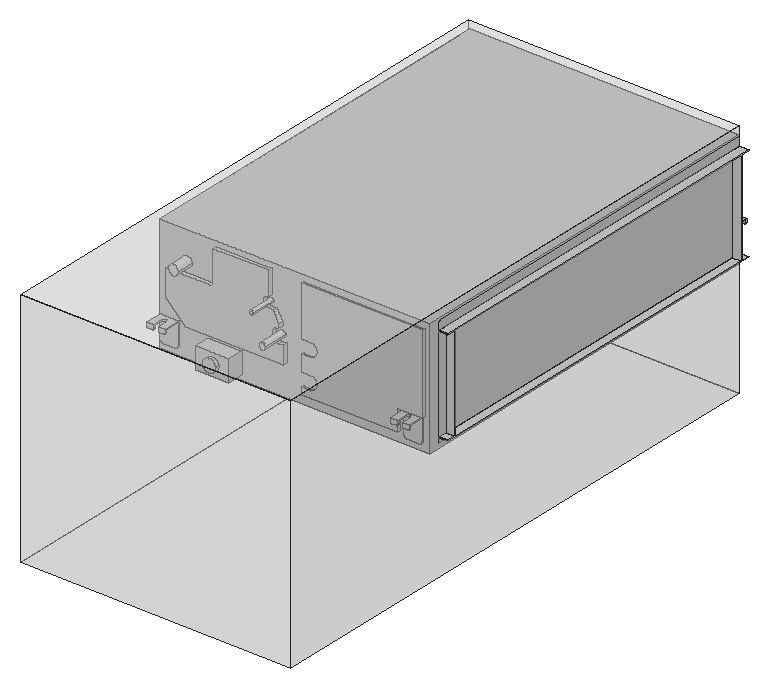
Revit family "outputfile", category 機械設備, Revit 2024
Family settings
  丸型コネクタ寸法 = 半径を使用
  パーツ タイプ = 標準
  OmniClass 番号 = 23.75.10.24.21.27.27
  OmniClass タイトル = Split System Air Conditioning Units
  作業面ベース = いいえ
  常に垂直 = はい
  ロード時にボイドで切り取り = いいえ
  注釈の向きを維持 = いいえ
  共有 = いいえ
  部屋計算ポイント = はい
Parameters (values of type "FXMQ63PAVE")
  Description = ""
  製造元 = "Daikin"
  書き出し IFC クラス(タイプ) = "IfcUnitaryEquipmentType"
  定義済み IFC タイプ(タイプ) = "AIRCONDITIONINGUNIT"
  Cost = 0
  モデル = "FXMQ63PAVE"
  Type Comments = ""
  Keynote = ""
  Type Image = (empty or 0)
  Assembly Code = ""
  r_Liquid Pipe Size = Liquid Pipe Size / 2  # 4.75 mm
  r_Gas Pipe Size = Gas Pipe Size / 2  # 7.95 mm
  r_Drain Pipe Size = Drain Pipe Size / 2  # 12.5 mm
  lw_power = 396.0 mm  # constant formula
  lh_SA = 165.0 mm  # constant formula
  lw_SA = if(Depth = 550.0 mm, 210.0 mm, if(Depth = 700.0 mm, 285.0 mm, if(Depth = 1000.0 mm, 435.0 mm, 635.0 mm)))  # 435.0 mm
  lw_RA = if(Depth = 550.0 mm, 288.0 mm, if(Depth = 700.0 mm, 363.0 mm, if(Depth = 1000.0 mm, 513.0 mm, 713.0 mm)))  # 513.0 mm
  lh_power = 60.0 mm + [h***]  # 60.0 mm
  lh_mountinghole1 = lh_mountinghole + [h***]  # 80.0 mm
  lh_RA = 150.0 mm  # constant formula
  ld_power = Depth / 2  # 500.0 mm
  Voltage_comment_60Hz = "220"
  Voltage_comment_50Hz = "220-240"
  Voltage_60Hz = 220 V
  Voltage_50Hz = 220 V
  URL = ""
  Supply Air Direction [instance] = yes
  Sound Power Level_H speed (dB) = 60
  Phase_60Hz = 1
  Phase_50Hz = 1
  Minimum External Static Pressure = 50.00 Pa
  Minimum Circuit Amps_60Hz = 1.8 A
  Minimum Circuit Amps_50Hz = 1.8 A
  Maximum Fuse Amps_60Hz = 16.0 A
  Maximum Fuse Amps_50Hz = 16.0 A
  Maximum External Static Pressure = 200.00 Pa
  Material_Casing = DAIKIN_GalvanizedSteel_Casing_indoorunit
  lw_mountinghole = 631.0 mm  # constant formula
  lh_gaspipe = 144.0 mm + [h***]  # 144.0 mm
  lh_mountinghole = 80.0 mm  # constant formula
  lh_liquidpipe = 212.0 mm + [h***]  # 212.0 mm
  lh_drainpipe = 232.0 mm + [h***]  # 232.0 mm
  lh_antena = Height - lh_mountinghole + 1.0 mm  # 221.0 mm
  ld_drainpipe = Depth / 2 + 54.0 mm  # 554.0 mm
  ld_liquidpipe = 565.0 mm
  ld_gaspipe = 565.0 mm
  ld_mountinghole = Depth + 38.0 mm  # 1038.0 mm
  h*** = 0.0 mm  # constant formula
  lw_liquidpipe = 290.0 mm  # constant formula
  lw_gaspipe = 318.0 mm  # constant formula
  lw_drainpipe = 80.0 mm  # constant formula
  Width = 700.0 mm
  Version = "ver.1.0"
  Unit Type = "Middle-High Static Pressure Duct Type"
  Unit Mass Weight = 35.00 kg
  Unit Designation [instance] = ""
  Uniclass2015Version = "Products v1.30"
  Uniclass2015Title = "Variable refrigerant flow units"
  Uniclass2015Code = "Pr_70_65_03_94"
  Total Heating Capacity [instance] = 0.000 kW
  Total Cooling Capacity [instance] = 0.000 kW
  Sound Pressure Level_M speed (dBA) = 0
  Sound Pressure Level_L speed (dBA) = 38
  Sound Pressure Level_H speed (dBA) = 42
  Series = "VRV Fan Coil Unit"
  Sensible Cooling Capacity [instance] = 0.000 kW
  SA Duct Size Width = if(Depth = 550.0 mm, 310.0 mm, if(Depth = 700.0 mm, 460.0 mm, if(Depth = 1000.0 mm, 760.0 mm, 1160.0 mm)))  # 760.0 mm
  SA Duct Size Height = 215.0 mm
  Refrigerant Type = "R410A"
  RA Duct Size Width = if(Depth = 550.0 mm, 475.0 mm, if(Depth = 700.0 mm, 625.0 mm, if(Depth = 1000.0 mm, 925.0 mm, 1325.0 mm)))  # 925.0 mm
  RA Duct Size Height = 247.0 mm
  Power Input (Heating) = 0.218 kW
  Power Input (Cooling) = 0.230 kW
  Option Accessory 3 [instance] = ""
  Option Accessory 2 [instance] = ""
  Option Accessory 1 [instance] = ""
  Nominal Heating Capacity = 8.000 kW
  Nominal Cooling Capacity = 7.100 kW
  Minimum Airflow = 960.00 m³/h
  Median Airflow = 1050.00 m³/h
  Maximum Airflow = 1170.00 m³/h
  Load Classification = HVAC
  Liquid Pipe Size = 9.5 mm
  Link_Nested Family [instance] = ""
  IfcVersion = "0"
  IfcExportType = "AIRCONDITIONINGUNIT"
  IfcExportAs = "IfcUnitaryEquipmentType"
  Height = 300.0 mm
  Heating Entering Wet Bulb Temperature [instance] = 0.00 °C
  Heating Entering Dry Bulb Temperature [instance] = 0.00 °C
  Heating Ambient Wet Bulb Temperature [instance] = 0.00 °C
  Heating Ambient Dry Bulb Temperature [instance] = 0.00 °C
  Heat Exchanger Type = "Cross Fin Coil"
  Gas Pipe Size = 15.9 mm
  Frequency_60Hz = 60 Hz
  Frequency_50Hz = 50 Hz
  Fan Type = "Sirocco Fan"
  Fan Drive = "Direct Drive"
  FCU Tag No. [instance] = ""
  Drain Pipe Size = 25.0 mm
  Design Supply Airflow [instance] = 0.00 m³/h
  Design Return Airflow [instance] = 0.00 m³/h
  Design External Static Pressure [instance] = 0.00 Pa
  Depth = 1000.0 mm
  既定の高さ = 0.0 mm
  Cooling Entering Wet Bulb Temperature [instance] = 0.00 °C
  Cooling Entering Dry Bulb Temperature [instance] = 0.00 °C
  Cooling Ambient Wet Bulb Temperature [instance] = 0.00 °C
  Cooling Ambient Dry Bulb Temperature [instance] = 0.00 °C
  Clearance visibility [instance] = yes
  Clearance Top = 20.0 mm
  Clearance Right = 0.0 mm
  Clearance Rear = 0.0 mm
  Clearance Left = 0.0 mm
  Clearance Front = 450.0 mm
  Clearance Bottom = 300.0 mm
Reference planes
  plane 1 "Center (Front/Back)": y = 0
  plane 2 "h": z = 0
  plane 3 "Center (Left/Right)": x = 0
  plane 4 "Back": y = 500
  plane 5 "Front": y = -500
  plane 6 "Left": x = -350
  plane 7 "Reight": x = 350
  plane 8 "Top": z = 0
  plane 9 "Bottom": z = -300
  plane 10: y = -215
  plane 11: y = 500
  plane 12: y = -950
  plane 13: x = -350
  plane 14: x = 350
  plane 15: z = 20
  plane 16: z = -600
  plane 17: x = -350
  plane 18: z = -135
  plane 19: x = -349
  plane 20: x = 349
  plane 21: y = 65
  plane 22: y = 13
  plane 23: z = -150
  plane 24: y = -510.8
  plane 25: z = -14
  plane 26: z = -219
  plane 27: x = -324
  plane 28: x = -60
  plane 29: x = -20
  plane 30: z = -156
  plane 31: x = -32
  plane 32: z = -88
  plane 33: x = 23
  plane 34: x = 335
  plane 35: z = -15.8
  plane 36: z = -274.8
  plane 37: z = -219.8
  plane 38: x = 271
  plane 39: x = -223.3
  plane 40: x = -138.3
  plane 41: z = -232.7
  plane 42: z = -288.5
  plane 43: y = -541
  plane 44: x = -181
  plane 45: z = -260
  plane 46: y = -551
  plane 47: z = -163.8
  plane 48: z = -239.8
  plane 49: x = 46
  plane 50: z = -88
  plane 51: x = -60
  plane 52: y = -565
  plane 53: z = -156
  plane 54: x = -32
  plane 55: y = -554
  plane 56: z = -68
  plane 57: x = -270
  plane 58: x = -270
  plane 59: x = -60
  plane 60: x = -32
  plane 61: x = 46
  plane 62: x = -323
  plane 63: x = 308
  plane 64: y = -519
  plane 65: y = 519
  plane 66: z = -220
  plane 67: y = -506
  plane 68: x = -204
  plane 69: z = -100.2
  plane 70: x = -374
  plane 71: x = 374
Forms (mm)
  Extrusion 1, solid, material "DAIKIN_GalvanizedSteel_Casing_indoorunit" <- "Material_Casing"
    sketch origin (0, 0, 0) x (1, 0, 0) y (0, 1, 0)
      loop
        line (-349, 500) -> (-349, -500) -> (349, -500) -> (349, 500) -> (-349, 500)
    from -300 to 0
  Extrusion 2, solid, material "DAIKIN_GalvanizedSteel_Casing_indoorunit" <- "Material_Casing"
    sketch origin (0, 0, 0) x (1, 0, 0) y (0, 0, 1)
      loop
        line (-324, -100.2) -> (-324, -168) -> (-273, -219) -> (-20, -219) -> (-20, -173.5) -> (-32, -173.5)
        arc (-32, -173.5) -> (-49.5, -156) -> (-32, -138.5) r 17.5
        line (-32, -138.5) -> (-32, -127.5) -> (-47, -101) -> (-60, -101)
        arc (-60, -101) -> (-73, -88) -> (-60, -75) r 13
        line (-60, -75) -> (-60, -14) -> (-204, -14) -> (-204, -100.2) -> (-324, -100.2)
    from 500 to 510.8
  Extrusion 3, solid, material "DAIKIN_GalvanizedSteel_Casing_indoorunit" <- "Material_Casing"
    sketch origin (0, 0, 0) x (1, 0, 0) y (0, 0, 1)
      loop
        line (23, -274.8) -> (271, -274.8) -> (271, -219.8) -> (335, -219.8) -> (335, -15.8) -> (23, -15.8) -> (23, -146.3) -> (46, -146.3)
        arc (46, -146.3) -> (63.5, -163.8) -> (46, -181.3) r 17.5
        line (46, -181.3) -> (23, -181.3) -> (23, -222.3) -> (46, -222.3)
        arc (46, -222.3) -> (63.5, -239.8) -> (46, -257.3) r 17.5
        line (46, -257.3) -> (23, -257.3) -> (23, -274.8)
    from 500 to 506
  Extrusion 4, solid, material "DAIKIN_GalvanizedSteel_Casing_indoorunit" <- "Material_Casing"
    sketch origin (0, 0, 0) x (1, 0, 0) y (0, 0, 1)
      loop
        line (-223.3, -232.7) -> (-223.3, -288.5) -> (-138.3, -288.5) -> (-138.3, -232.7) -> (-223.3, -232.7)
    from 500 to 541
  Extrusion 5, solid, material "DAIKIN_GalvanizedSteel_Casing_indoorunit" <- "Material_Casing"
    sketch origin (0, 0, 0) x (1, 0, 0) y (0, 0, 1)
      loop
        circle (-181, -260) r 16.5
    from 541 to 551
  Extrusion 6, solid
    sketch origin (0, 0, 0) x (1, 0, 0) y (0, 0, 1)
      loop
        circle (-60, -88) r 4.75
    from 500 to 565
  Extrusion 7, solid
    sketch origin (0, 0, 0) x (1, 0, 0) y (0, 0, 1)
      loop
        circle (-32, -156) r 7.95
    from 500 to 565
  Extrusion 8, solid
    sketch origin (0, 0, 0) x (1, 0, 0) y (0, 0, 1)
      loop
        circle (-270, -68) r 12.5
    from 510.8 to 554
Dimensions and locks
  "Height": plane 8 "Top" to plane 9 "Bottom"
  equal spacing: plane 4 "Back", plane 1 "Center (Front/Back)", plane 5 "Front"
  "Depth": plane 4 "Back" to plane 5 "Front"
  equal spacing: plane 6 "Left", plane 3 "Center (Left/Right)", plane 7 "Reight"
  "Width": plane 6 "Left" to plane 7 "Reight"
  "Clearance Left": plane 13 to plane 6 "Left"
  "Clearance Right": plane 7 "Reight" to plane 14
  "Clearance Rear": plane 11 to plane 4 "Back"
  "Clearance Front": plane 5 "Front" to plane 12
  "Clearance Top": plane 15 to plane 8 "Top"
  "Clearance Bottom": plane 9 "Bottom" to plane 16
  "lh_SA": plane 18 to plane 9 "Bottom"
  locked: plane 17 to plane 19 at 1
  locked: plane 20 to plane 14 at 1
  "lw_SA": plane 11 to plane 21
  "lw_RA": plane 22 to plane 5 "Front"
  "lh_RA": plane 23 to plane 9 "Bottom"
  locked: plane 5 "Front" to plane 24 at 10.8
  plane 29 to plane 28 to plane 27 to plane 6 "Left" = 40.0 mm, 264.0 mm, 26.0 mm
  locked: plane 31 to plane 6 "Left" at 318
  plane 34 to plane 33 to plane 6 "Left" = 312.0 mm locked, 373.0 mm locked
  locked: plane 34 to plane 38 at 64
  locked: plane 37 to plane 36 at 55
  plane 40 to plane 39 to plane 6 "Left" = 85.0 mm locked, 126.7 mm locked
  locked: plane 5 "Front" to plane 43 at 41
  locked: plane 44 to plane 6 "Left" at 169
  locked: plane 43 to plane 46 at 10
  plane 47 to plane 48 to plane 36 = 76.0 mm locked, 35.0 mm locked
  locked: plane 49 to plane 33 at 23
  "lw_liquidpipe": plane 51 to plane 6 "Left"
  "lh_liquidpipe": plane 50 to plane 9 "Bottom"
  "lh_gaspipe": plane 53 to plane 9 "Bottom"
  "lw_gaspipe": plane 54 to plane 6 "Left"
  "ld_gaspipe": plane 52 to plane 1 "Center (Front/Back)"
  "ld_drainpipe": plane 55 to plane 1 "Center (Front/Back)"
  "lh_drainpipe": plane 56 to plane 9 "Bottom"
  "lw_drainpipe": plane 57 to plane 6 "Left"
  "lw_drainpipe": plane 6 "Left" to plane 58
  "lw_liquidpipe": plane 6 "Left" to plane 59
  "lw_gaspipe": plane 6 "Left" to plane 60
  "lw_power": plane 6 "Left" to plane 61
  plane 17 to plane 62 = 27.0 mm
  "lw_mountinghole": plane 62 to plane 63
  equal spacing: plane 64, plane 1 "Center (Front/Back)", plane 65
  "ld_mountinghole": plane 65 to plane 64
  "lh_mountinghole": plane 66 to plane 9 "Bottom"
  plane 8 "Top" to plane 41 to plane 42 = 232.7 mm locked, 55.8 mm locked
  locked: plane 8 "Top" to plane 45 at 260
  plane 8 "Top" to plane 25 to plane 26 = 14.0 mm locked, 205.0 mm locked
  plane 8 "Top" to plane 32 to plane 30 = 88.0 mm locked, 68.0 mm locked
  plane 8 "Top" to plane 35 to plane 36 = 15.8 mm locked, 259.0 mm locked
  locked: plane 5 "Front" to plane 67 at 6
  locked: plane 25 to plane 69 at 86.2
  locked: plane 27 to plane 68 at 120
  locked: plane 70 to plane 6 "Left" at 24
  locked: plane 14 to plane 71 at 24
  "r_Liquid Pipe Size": radius of Extrusion 6 sketch curve
  "r_Gas Pipe Size": radius of Extrusion 7 sketch curve
  "r_Drain Pipe Size": radius of Extrusion 8 sketch curve
  aligned and locked: level to plane 2 "h"
  aligned and locked: plane 8 "Top" to Extrusion 1
  aligned and locked: Extrusion 1 to plane 9 "Bottom"
  aligned and locked: nested 5 to plane 12
  aligned and locked: plane 13 to nested 5
  aligned and locked: plane 14 to nested 5
  aligned and locked: nested 5 to plane 13
  aligned and locked: plane 11 to nested 5
  aligned and locked: plane 15 to nested 5
  aligned and locked: plane 16 to nested 5
  aligned and locked: plane 5 "Front" to Extrusion 1 sketch curve
  aligned and locked: Extrusion 1 to plane 19
  aligned and locked: plane 20 to Extrusion 1
  aligned and locked: nested 7 to plane 19
  aligned and locked: nested 7 to plane 21
  aligned and locked: plane 18 to nested 7
  aligned and locked: plane 20 to nested 8
  aligned and locked: plane 22 to nested 8
  aligned and locked: plane 23 to nested 8
  aligned and locked: Extrusion 2 to plane 24
  aligned and locked: plane 5 "Front" to Extrusion 2
  aligned and locked: plane 36 to Extrusion 3 sketch curve
  aligned and locked: plane 38 to Extrusion 3 sketch curve
  aligned and locked: plane 37 to Extrusion 3 sketch curve
  aligned and locked: Extrusion 3 sketch curve to plane 34
  aligned and locked: Extrusion 3 sketch curve to plane 35
  aligned and locked: Extrusion 3 sketch curve to plane 33
  aligned and locked: plane 5 "Front" to Extrusion 3
  aligned and locked: Extrusion 4 sketch curve to plane 41
  aligned and locked: Extrusion 4 sketch curve to plane 39
  aligned and locked: plane 42 to Extrusion 4 sketch curve
  aligned and locked: plane 40 to Extrusion 4 sketch curve
  aligned and locked: Extrusion 4 to plane 43
  aligned and locked: plane 5 "Front" to Extrusion 4
  aligned and locked: Extrusion 5 sketch curve to plane 44
  aligned and locked: plane 45 to Extrusion 5 sketch curve
  aligned and locked: Extrusion 5 to plane 46
  aligned and locked: plane 43 to Extrusion 5
  aligned and locked: Extrusion 6 sketch curve to plane 51
  aligned and locked: plane 50 to Extrusion 6 sketch curve
  aligned and locked: Extrusion 6 to plane 52
  aligned and locked: plane 5 "Front" to Extrusion 6
  aligned and locked: Extrusion 7 sketch curve to plane 54
  aligned and locked: plane 53 to Extrusion 7 sketch curve
  aligned and locked: Extrusion 7 to Extrusion 6
  aligned and locked: plane 5 "Front" to Extrusion 7
  aligned and locked: Extrusion 8 sketch curve to plane 57
  aligned and locked: plane 56 to Extrusion 8 sketch curve
  aligned and locked: Extrusion 8 to plane 55
  aligned and locked: plane 24 to Extrusion 8
  aligned and locked: nested 3 to plane 55
  aligned and locked: plane 58 to nested 3
  aligned and locked: nested 2 to plane 59
  aligned and locked: nested 2 to plane 52
  aligned and locked: nested 1 to plane 60
  aligned and locked: Extrusion 7 to plane 52
  aligned and locked: nested 1 to plane 52
  aligned and locked: nested 6 to plane 5 "Front"
  aligned and locked: nested 6 to plane 61
  aligned and locked: plane 62 to nested 10
  aligned and locked: nested 10 to plane 5 "Front"
  aligned and locked: plane 63 to nested 9
  aligned and locked: nested 9 to plane 5 "Front"
  aligned and locked: nested 11 to plane 62
  aligned and locked: plane 4 "Back" to nested 11
  aligned and locked: nested 12 to plane 63
  aligned and locked: plane 4 "Back" to nested 12
  aligned and locked: plane 66 to nested 10
  aligned and locked: plane 66 to nested 11
  aligned and locked: plane 66 to nested 9
  aligned and locked: plane 66 to nested 12
  aligned and locked: plane 62 to nested 14
  aligned and locked: nested 14 to plane 65
  aligned and locked: plane 63 to nested 13
  aligned and locked: nested 13 to plane 65
  aligned and locked: plane 63 to nested 16
  aligned and locked: plane 64 to nested 16
  aligned and locked: plane 64 to nested 15
  aligned and locked: plane 62 to nested 15
  aligned and locked: Extrusion 3 to plane 67
  aligned and locked: Extrusion 2 sketch curve to plane 68
  aligned and locked: plane 69 to Extrusion 2 sketch curve
  aligned and locked: nested 17 to plane 21
  aligned and locked: nested 17 to plane 70
  aligned and locked: plane 18 to nested 17
  aligned and locked: plane 22 to nested 18
  aligned and locked: plane 71 to nested 18
  aligned and locked: nested 18 to plane 23
  aligned and locked: nested 4 to plane 3 "Center (Left/Right)"
  aligned and locked: plane 1 "Center (Front/Back)" to nested 4
  aligned and locked: level to plane 8 "Top"
Automatic sketch dimensions
  plane 6 "Left" to Extrusion 1 sketch curve = 1.0 mm
  Extrusion 1 sketch curve to plane 7 "Reight" = 1.0 mm
  Extrusion 1 sketch curve to plane 4 "Back" = 0.0 mm
  Extrusion 3 sketch curve to plane 33 = 0.0 mm  (x2)
  Extrusion 3 sketch curve to plane 47 = 0.0 mm
  Extrusion 3 sketch curve to plane 49 = 0.0 mm  (x4)
  Extrusion 3 sketch curve to plane 48 = 0.0 mm
  Extrusion 3 sketch curve to plane 37 = 2.5 mm
  plane 23 to Extrusion 3 sketch curve = 3.7 mm
  plane 27 to Extrusion 2 sketch curve = 0.0 mm
  Extrusion 2 sketch curve to plane 26 = 0.0 mm
  Extrusion 2 sketch curve to plane 28 = 0.0 mm
  Extrusion 2 sketch curve to plane 31 = 0.0 mm
  Extrusion 2 sketch curve to plane 29 = 0.0 mm
  Extrusion 2 sketch curve to plane 30 = 0.0 mm
  Extrusion 2 sketch curve to plane 32 = 0.0 mm
  Extrusion 2 sketch curve to plane 25 = 0.0 mm
  Extrusion 2 sketch curve to Extrusion 2 sketch curve = 13.0 mm
  Extrusion 2 sketch curve to Extrusion 2 sketch curve = 17.5 mm
  plane 18 to Extrusion 2 sketch curve = 7.5 mm
  Extrusion 2 sketch curve to plane 58 = 3.0 mm
  Extrusion 2 sketch curve to plane 30 = 12.0 mm
  Extrusion 2 sketch curve to Extrusion 2 sketch curve = 0.8 mm
  radius of Extrusion 5 sketch curve = 16.5 mm
Nested families
  nested 1: "daikin_connector_rotate2" at (-32, 0, -156), length <- "ld_gaspipe", built-in parameter 1001364 <- "lh_gaspipe", radius <- "r_Gas Pipe Size", type "daikin_connector_rotate2"
    with radius 7.95 mm, length 565.0 mm, angle_vertical 90.00°
  nested 2: "daikin_connector_rotate2" at (-60, 0, -88), length <- "ld_liquidpipe", built-in parameter 1001364 <- "lh_liquidpipe", radius <- "r_Liquid Pipe Size", type "daikin_connector_rotate2"
    with radius 4.75 mm, length 565.0 mm, angle_vertical 90.00°
  nested 3: "daikin_connector_rotate2" at (-270, 0, -68), length <- "ld_drainpipe", built-in parameter 1001364 <- "lh_drainpipe", radius <- "r_Drain Pipe Size", type "daikin_connector_rotate2"
    with radius 12.5 mm, length 554.0 mm, angle_vertical 90.00°
  nested 4: "daikin_△_symbolicline" at (0, 0, 300) x (0, -1, 0) z (0, 0, 1), built-in parameter 1001364 <- "Height", visible <- "Supply Air Direction", type "daikin_△_symbolicline"
    with length 200.0 mm
  nested 5: "daikin_clearancespace" at (0, -225, -289.881), visible <- "Clearance visibility", show <- "Clearance visibility", Link_Nested Family <- "Link_Nested Family", type "daikin_clearancespace"
    with width 700.0 mm, show yes, height 620.0 mm, depth 1450.0 mm, Link_Nested Family ""
  nested 6: "daikin_connector_rotate2" at (46, 0, -240), built-in parameter 1001364 <- "lh_power", length <- "ld_power", type "daikin_connector_rotate2"
    with radius 10.0 mm, length 500.0 mm, angle_vertical 90.00°
  nested 7: "daikin_ductflange_FXMQ-PAVE2" at (-349, 65, -135) x (0, -1, 0) z (0, 0, 1), type "daikin_ductflange_FXMQ-PAVE2"
    with width 760.0 mm, w 1000.0 mm
  nested 8: "daikin_ductflange_FXMQ-PAVE" at (349, 13, -150) x (0, 1, 0) z (0, 0, 1), type "daikin_ductflange_FXMQ-PAVE"
    with width 925.0 mm, w 1000.0 mm
  nested 9: "daikin_hangerfixture_FXMQ-PAVE" at (308, -500, -220), type "daikin_hangerfixture_FXMQ-PAVE"
  nested 10: "daikin_hangerfixture_FXMQ-PAVE" at (-323, -500, -220), type "daikin_hangerfixture_FXMQ-PAVE"
  nested 11: "daikin_hangerfixture_FXMQ-PAVE" at (-323, 500, -220) x (-1, 0, 0) z (0, 0, 1), type "daikin_hangerfixture_FXMQ-PAVE"
  nested 12: "daikin_hangerfixture_FXMQ-PAVE" at (308, 500, -220) x (-1, 0, 0) z (0, 0, 1), type "daikin_hangerfixture_FXMQ-PAVE"
  nested 13: "daikin_mountinghole" at (308, 519, -300), h_mountinghole <- "lh_mountinghole1", l_antenna <- "lh_antena", Link_Nested Family <- "Link_Nested Family", type "daikin_mountinghole"
    with show yes, l_antenna 221.0 mm, h_mountinghole 80.0 mm, Link_Nested Family ""
  nested 14: "daikin_mountinghole" at (-323, 519, -300), h_mountinghole <- "lh_mountinghole1", l_antenna <- "lh_antena", Link_Nested Family <- "Link_Nested Family", type "daikin_mountinghole"
    with show yes, l_antenna 221.0 mm, h_mountinghole 80.0 mm, Link_Nested Family ""
  nested 15: "daikin_mountinghole" at (-323, -519, -300), h_mountinghole <- "lh_mountinghole1", l_antenna <- "lh_antena", Link_Nested Family <- "Link_Nested Family", type "daikin_mountinghole"
    with show yes, l_antenna 221.0 mm, h_mountinghole 80.0 mm, Link_Nested Family ""
  nested 16: "daikin_mountinghole" at (308, -519, -300), h_mountinghole <- "lh_mountinghole1", l_antenna <- "lh_antena", Link_Nested Family <- "Link_Nested Family", type "daikin_mountinghole"
    with show yes, l_antenna 221.0 mm, h_mountinghole 80.0 mm, Link_Nested Family ""
  nested 17: "daikin_connector_rotate2" at (-350, 65, -135) x (0, -1, 0) z (0, 0, 1), type "daikin_connector_rotate2"
    with radius 10.0 mm, length 24.0 mm, angle_vertical 90.00°
  nested 18: "daikin_connector_rotate2" at (350, 13, -150) x (0, 1, 0) z (0, 0, 1), type "daikin_connector_rotate2"
    with radius 10.0 mm, length 24.0 mm, angle_vertical 90.00°
Connectors
  piping at (-270, -554, -68), diameter 25, driven by "r_Drain Pipe Size"
    settings: on nested 3, index 3, connector inside diameter 609.6 mm, connector length 0.0 mm, flow factor 0, pipe flow 0.00 m³/h, pressure drop 0.0 Pa, fitting loss kfactor 0, connector angle 0.00°, fixture units 0, engagement length 0.0 mm, angle of deflection 0.00°, flow configuration 1, flow direction 2, fitting loss method 4, system type 16, joint type 0, gender type 0, connector reference index -1, connector utility 0, adjustable connector no, is connector primary yes, connector description "Condensate Drain Piping"
  piping at (-32, -565, -156), diameter 15.9, driven by "r_Gas Pipe Size"
    settings: on nested 1, index 4, connector inside diameter 609.6 mm, connector length 0.0 mm, flow factor 0, pipe flow 0.00 m³/h, pressure drop 0.0 Pa, fitting loss kfactor 0, connector angle 0.00°, fixture units 0, engagement length 0.0 mm, angle of deflection 0.00°, flow configuration 1, flow direction 2, fitting loss method 0, system type 29, joint type 0, gender type 0, connector reference index -1, connector utility 0, adjustable connector no, is connector primary no, connector description "Refrigerant Gas Piping"
  piping at (-60, -565, -88), diameter 9.5, driven by "r_Liquid Pipe Size"
    settings: on nested 2, index 5, connector inside diameter 609.6 mm, connector length 0.0 mm, flow factor 0, pipe flow 0.00 m³/h, pressure drop 0.0 Pa, fitting loss kfactor 0, connector angle 0.00°, fixture units 0, engagement length 0.0 mm, angle of deflection 0.00°, flow configuration 1, flow direction 1, fitting loss method 0, system type 29, joint type 0, gender type 0, connector reference index -1, connector utility 0, adjustable connector no, is connector primary no, connector description "Refrigerant Liquid Piping"
  electrical at (46, -500, -240), driven by "Load Classification"
    settings: on nested 6, index 6, voltage 0 V, apparent load 0 VA, apparent load phase1 0 VA, apparent load phase2 0 VA, apparent load phase3 0 VA, power factor 1, load classification "HVAC", number of poles 1, system type 30, power factor state 1, is connector primary yes, connector utility no, sub classification motor no, connector description "Power Supply"
  hvac at (-374, 65, -135), driven by "SA Duct Size Height", driven by "SA Duct Size Width"
    settings: on nested 17, index 7, duct flow 0.00 m³/h, flow factor 0, pres drop 0.00 Pa, loss coef 0, conn angle 0.00°, conn width 760.0 mm, conn height 215.0 mm, conn diameter 609.6 mm, duct sys type 1, conn prof type 1, flow config 0, flow direction 2, loss method 4, conn ref index -1, conn util no, is conn primary yes, conn desc "SA Duct"
  hvac at (374, 13, -150), driven by "RA Duct Size Height", driven by "RA Duct Size Width"
    settings: on nested 18, index 8, duct flow 0.00 m³/h, flow factor 0, pres drop 0.00 Pa, loss coef 0, conn angle 0.00°, conn width 925.0 mm, conn height 247.0 mm, conn diameter 609.6 mm, duct sys type 2, conn prof type 1, flow config 0, flow direction 1, loss method 4, conn ref index -1, conn util no, is conn primary no, conn desc "RA Duct"
Definition of nested family "daikin_clearancespace"
  Parameters (values of type "daikin_clearancespace")
    width [instance] = 1823.963 mm
    show [instance] = yes
    material = none
    height [instance] = 1359.762 mm
    depth [instance] = 880.0 mm
    Default Elevation = 0.0 mm
    Link_Nested Family [instance] = ""
  Reference planes
    plane 1 "Center (Front/Back)": y = 0
    plane 2 "Center (Elevation)": z = -0.119
    plane 3 "Center (Left/Right)": x = 0
    plane 4: y = 440
    plane 5: y = -440
    plane 6 "Right": x = 911.982
    plane 7 "Left": x = -911.982
    plane 8 "Top": z = 679.762
    plane 9 "Bottom": z = -680
  Forms (mm)
    Extrusion 1, solid, material <- "material", visible <- "show"
      sketch origin (0, 0, 0) x (1, 0, 0) y (0, 1, 0)
        loop
          line (-911.982, 440) -> (-911.982, -440) -> (911.982, -440) -> (911.982, 440) -> (-911.982, 440)
      from -680 to 679.762
  Lines and regions (mm)
    symbolic lines, visible <- "show"
      curve 1: line (911.982, 440, 0) -> (-911.982, 440, 0)
      curve 2: line (-911.982, 440, 0) -> (-911.982, -440, 0)
      curve 3: line (-911.982, -440, 0) -> (911.982, -440, 0)
      curve 4: line (911.982, -440, 0) -> (911.982, 440, 0)
      curve 5: line (911.982, 0, 679.762) -> (-911.982, 0, 679.762)
      curve 6: line (911.982, 0, -680) -> (911.982, 0, 679.762)
      curve 7: line (-911.982, 0, -680) -> (911.982, 0, -680)
      curve 8: line (-911.982, 0, 679.762) -> (-911.982, 0, -680)
      curve 9: line (0, 440, 679.762) -> (0, -440, 679.762)
      curve 10: line (0, -440, 679.762) -> (0, -440, -680)
      curve 11: line (0, 440, -680) -> (0, 440, 679.762)
      curve 12: line (0, -440, -680) -> (0, 440, -680)
  Dimensions and locks
    "width": plane 7 "Left" to plane 6 "Right"
    "depth": plane 4 to plane 5
    "height": plane 8 "Top" to plane 9 "Bottom"
    equal spacing: plane 7 "Left", plane 3 "Center (Left/Right)", plane 6 "Right"
    equal spacing: plane 4, plane 1 "Center (Front/Back)", plane 5
    equal spacing: plane 8 "Top", plane 2 "Center (Elevation)", plane 9 "Bottom"
    aligned and locked: level to plane 2 "Center (Elevation)"
    aligned and locked: Extrusion 1 sketch curve to plane 4
    aligned and locked: plane 7 "Left" to Extrusion 1 sketch curve
    aligned and locked: Extrusion 1 sketch curve to plane 5
    aligned and locked: Extrusion 1 sketch curve to plane 6 "Right"
    aligned and locked: plane 8 "Top" to Extrusion 1
    aligned and locked: curve 1 to Extrusion 1
    aligned and locked: curve 2 to Extrusion 1
    aligned and locked: curve 3 to Extrusion 1
    aligned and locked: curve 4 to Extrusion 1
    aligned and locked: curve 5 to Extrusion 1
    aligned and locked: curve 6 to Extrusion 1
    aligned and locked: curve 7 to Extrusion 1
    aligned and locked: curve 8 to Extrusion 1
    aligned and locked: curve 9 to Extrusion 1
    aligned and locked: curve 10 to Extrusion 1
    aligned and locked: curve 11 to Extrusion 1
    aligned and locked: curve 12 to Extrusion 1
    aligned and locked: Extrusion 1 to plane 9 "Bottom"
Definition of nested family "daikin_ductflange_FXMQ-PAVE2"
  Parameters (values of type "daikin_ductflange_FXDSQ-AVM2")
    width = if(w = 550.0 mm, 310.0 mm, if(w = 700.0 mm, 460.0 mm, if(w = 1000.0 mm, 760.0 mm, 1160.0 mm)))  # 310.0 mm
    material = none
    height = 215.0 mm
    depth = 1.0 mm
    w = 550.0 mm
    Default Elevation = 0.0 mm
  Reference planes
    plane 1 "Center (Front/Back)": y = 0
    plane 2: z = 0
    plane 3 "Center (Left/Right)": x = 0
    plane 4: z = 107.5
    plane 5: z = -107.5
    plane 6: y = -25
    plane 7: z = 132.5
    plane 8: z = 108.5
    plane 9: y = -1
    plane 10: x = -177.5
    plane 11: x = 177.5
    plane 12: z = -132.5
    plane 13: z = -108.5
    plane 14: y = -1
    plane 15: x = 155
    plane 16: x = -155
    plane 17: x = 156
    plane 18: z = 106.5
    plane 19: z = -106.5
    plane 20: x = -156
    plane 21: z = 106.5
    plane 22: z = -106.5
    plane 23: y = -1
  Forms (mm)
    Extrusion 1, solid, material <- "material"
      sketch origin (0, 0, 0) x (0, 1, 0) y (0, 0, 1)
        loop
          line (-25, 107.5) -> (0, 107.5) -> (0, 132.5) -> (-1, 132.5) -> (-1, 108.5) -> (-25, 108.5) -> (-25, 107.5)
      from -177.5 to 177.5
    Extrusion 2, solid, material <- "material"
      sketch origin (0, 0, 0) x (0, 1, 0) y (0, 0, 1)
        loop
          line (-25, -107.5) -> (-25, -108.5) -> (-1, -108.5) -> (-1, -132.5) -> (0, -132.5) -> (0, -107.5) -> (-25, -107.5)
      from -177.5 to 177.5
    Extrusion 3, solid, material <- "material"
      sketch origin (0, 0, 0) x (1, 0, 0) y (0, 0, 1)
        loop
          line (155, 107.5) -> (155, -107.5) -> (177.5, -107.5) -> (177.5, -106.5) -> (156, -106.5) -> (156, 106.5) -> (177.5, 106.5) -> (177.5, 107.5) -> (155, 107.5)
      from 0 to 25
    Extrusion 4, solid, material <- "material"
      sketch origin (0, 0, 0) x (1, 0, 0) y (0, 0, 1)
        loop
          line (-177.5, 107.5) -> (-177.5, 106.5) -> (-156, 106.5) -> (-156, -106.5) -> (-177.5, -106.5) -> (-177.5, -107.5) -> (-155, -107.5) -> (-155, 107.5) -> (-177.5, 107.5)
      from 0 to 25
    Extrusion 5, solid, material <- "material"
      sketch origin (0, 0, 0) x (1, 0, 0) y (0, 0, 1)
        loop
          line (-177.5, 107.5) -> (-177.5, -107.5) -> (-155, -107.5) -> (-155, 107.5) -> (-177.5, 107.5)
        loop
          line (177.5, 107.5) -> (155, 107.5) -> (155, -107.5) -> (177.5, -107.5) -> (177.5, 107.5)
      from 0 to 1
  Cuts and joins
    joined: Extrusion 1, Extrusion 2, Extrusion 3, Extrusion 4, Extrusion 5
  Dimensions and locks
    plane 4 to level to plane 5 = 107.5 mm locked, 107.5 mm locked
    locked: plane 6 to plane 1 "Center (Front/Back)" at 25
    locked: plane 9 to plane 1 "Center (Front/Back)" at 1
    locked: plane 8 to plane 4 at 1
    locked: plane 11 to plane 15 at 22.5
    locked: plane 16 to plane 10 at 22.5
    locked: plane 17 to plane 15 at 1
    locked: plane 4 to plane 18 at 1
    locked: plane 19 to plane 5 at 1
    "width": plane 15 to plane 16
    plane 4 to plane 5 = 215.0 mm
    equal spacing: plane 15, plane 3 "Center (Left/Right)", plane 16
    locked: plane 16 to plane 20 at 1
    locked: plane 4 to plane 21 at 1
    locked: plane 22 to plane 5 at 1
    locked: plane 23 to plane 1 "Center (Front/Back)" at 1
    aligned and locked: level to plane 2
    aligned and locked: Extrusion 1 to plane 10
    aligned and locked: plane 11 to Extrusion 1
    aligned and locked: plane 5 to Extrusion 2
    aligned and locked: Extrusion 2 to plane 1 "Center (Front/Back)"
    aligned and locked: plane 15 to Extrusion 3 sketch curve
    aligned and locked: Extrusion 3 sketch curve to Extrusion 2  (x2)
    aligned and locked: Extrusion 3 sketch curve to plane 11
    aligned and locked: plane 6 to Extrusion 3
    aligned and locked: Extrusion 2 to plane 10
    aligned and locked: plane 11 to Extrusion 2
    aligned and locked: Extrusion 4 sketch curve to Extrusion 1  (x2)
    aligned and locked: plane 5 to Extrusion 4 sketch curve
    aligned and locked: Extrusion 4 sketch curve to plane 16
    aligned and locked: Extrusion 4 sketch curve to plane 22
    aligned and locked: plane 20 to Extrusion 4 sketch curve
    aligned and locked: plane 21 to Extrusion 4 sketch curve
    aligned and locked: Extrusion 4 to plane 1 "Center (Front/Back)"
    aligned and locked: plane 6 to Extrusion 4
    aligned and locked: Extrusion 5 sketch curve to Extrusion 1  (x4)
    aligned and locked: Extrusion 5 sketch curve to Extrusion 4  (x2)
    aligned and locked: Extrusion 5 sketch curve to Extrusion 3  (x2)
    aligned and locked: Extrusion 5 to plane 1 "Center (Front/Back)"
    aligned and locked: plane 23 to Extrusion 5
  Automatic sketch dimensions
    Extrusion 1 sketch curve to plane 6 = 0.0 mm
    Extrusion 1 sketch curve to plane 7 = 0.0 mm
    Extrusion 1 sketch curve to plane 9 = 0.0 mm
    Extrusion 1 sketch curve to plane 1 "Center (Front/Back)" = 0.0 mm
    Extrusion 1 sketch curve to plane 4 = 0.0 mm
    Extrusion 1 sketch curve to plane 8 = 0.0 mm
    Extrusion 2 sketch curve to plane 6 = 0.0 mm
    plane 12 to Extrusion 2 sketch curve = 0.0 mm
    Extrusion 2 sketch curve to plane 14 = 0.0 mm
    Extrusion 2 sketch curve to plane 1 "Center (Front/Back)" = 0.0 mm
    plane 13 to Extrusion 2 sketch curve = 0.0 mm
    Extrusion 2 sketch curve to plane 5 = 0.0 mm
    Extrusion 3 sketch curve to plane 17 = 0.0 mm
    Extrusion 3 sketch curve to plane 19 = 0.0 mm
    Extrusion 3 sketch curve to plane 18 = 0.0 mm
    Extrusion 3 sketch curve to plane 4 = 0.0 mm
    Extrusion 4 sketch curve to plane 10 = 0.0 mm
Definition of nested family "daikin_ductflange_FXMQ-PAVE"
  Parameters (values of type "daikin_ductflange_FXDSQ-AVM")
    width = if(w = 550.0 mm, 475.0 mm, if(w = 700.0 mm, 625.0 mm, if(w = 1000.0 mm, 925.0 mm, 1325.0 mm)))  # 475.0 mm
    material = none
    height = 247.0 mm
    depth = 1.0 mm
    w = 550.0 mm
    Default Elevation = 0.0 mm
  Reference planes
    plane 1 "Center (Front/Back)": y = 0
    plane 2: z = 0
    plane 3 "Center (Left/Right)": x = 0
    plane 4: z = 123.5
    plane 5: z = -123.5
    plane 6: y = -25
    plane 7: z = 146.5
    plane 8: z = 124.5
    plane 9: y = -1
    plane 10: x = -260
    plane 11: x = 260
    plane 12: z = -137
    plane 13: z = -124.5
    plane 14: y = -1
    plane 15: x = 237.5
    plane 16: x = -237.5
    plane 17: x = 238.5
    plane 18: z = 122.5
    plane 19: z = -122.5
    plane 20: x = -238.5
    plane 21: z = 122.5
    plane 22: z = -122.5
    plane 23: y = -1
  Forms (mm)
    Extrusion 1, solid, material <- "material"
      sketch origin (0, 0, 0) x (0, 1, 0) y (0, 0, 1)
        loop
          line (-25, 123.5) -> (0, 123.5) -> (0, 146.5) -> (-1, 146.5) -> (-1, 124.5) -> (-25, 124.5) -> (-25, 123.5)
      from -260 to 260
    Extrusion 2, solid, material <- "material"
      sketch origin (0, 0, 0) x (0, 1, 0) y (0, 0, 1)
        loop
          line (-25, -123.5) -> (-25, -124.5) -> (-1, -124.5) -> (-1, -137) -> (0, -137) -> (0, -123.5) -> (-25, -123.5)
      from -260 to 260
    Extrusion 3, solid, material <- "material"
      sketch origin (0, 0, 0) x (1, 0, 0) y (0, 0, 1)
        loop
          line (237.5, 123.5) -> (237.5, -123.5) -> (260, -123.5) -> (260, -122.5) -> (238.5, -122.5) -> (238.5, 122.5) -> (260, 122.5) -> (260, 123.5) -> (237.5, 123.5)
      from 0 to 25
    Extrusion 4, solid, material <- "material"
      sketch origin (0, 0, 0) x (1, 0, 0) y (0, 0, 1)
        loop
          line (-260, 123.5) -> (-260, 122.5) -> (-238.5, 122.5) -> (-238.5, -122.5) -> (-260, -122.5) -> (-260, -123.5) -> (-237.5, -123.5) -> (-237.5, 123.5) -> (-260, 123.5)
      from 0 to 25
    Extrusion 5, solid, material <- "material"
      sketch origin (0, 0, 0) x (1, 0, 0) y (0, 0, 1)
        loop
          line (-260, 123.5) -> (-260, -123.5) -> (-237.5, -123.5) -> (-237.5, 123.5) -> (-260, 123.5)
        loop
          line (260, 123.5) -> (237.5, 123.5) -> (237.5, -123.5) -> (260, -123.5) -> (260, 123.5)
      from 0 to 1
  Cuts and joins
    joined: Extrusion 1, Extrusion 2, Extrusion 3, Extrusion 4, Extrusion 5
  Dimensions and locks
    plane 4 to level to plane 5 = 123.5 mm, 123.5 mm
    locked: plane 6 to plane 1 "Center (Front/Back)" at 25
    locked: plane 9 to plane 1 "Center (Front/Back)" at 1
    locked: plane 8 to plane 4 at 1
    locked: plane 11 to plane 15 at 22.5
    locked: plane 16 to plane 10 at 22.5
    locked: plane 17 to plane 15 at 1
    locked: plane 4 to plane 18 at 1
    locked: plane 19 to plane 5 at 1
    "width": plane 15 to plane 16
    equal spacing: plane 15, plane 3 "Center (Left/Right)", plane 16
    locked: plane 16 to plane 20 at 1
    locked: plane 4 to plane 21 at 1
    locked: plane 22 to plane 5 at 1
    locked: plane 23 to plane 1 "Center (Front/Back)" at 1
    equal spacing: plane 4, level, plane 5
    locked: plane 7 to plane 4 at 23
    locked: plane 5 to plane 12 at 13.5
    locked: plane 1 "Center (Front/Back)" to plane 14 at 1
    locked: plane 5 to plane 13 at 1
    locked: plane 4 to plane 5 at 247
    aligned and locked: level to plane 2
    aligned and locked: Extrusion 1 to plane 10
    aligned and locked: plane 11 to Extrusion 1
    aligned and locked: plane 5 to Extrusion 2
    aligned and locked: Extrusion 2 to plane 1 "Center (Front/Back)"
    aligned and locked: plane 15 to Extrusion 3 sketch curve
    aligned and locked: Extrusion 3 sketch curve to Extrusion 2  (x2)
    aligned and locked: Extrusion 3 sketch curve to plane 11
    aligned and locked: plane 6 to Extrusion 3
    aligned and locked: Extrusion 2 to plane 10
    aligned and locked: plane 11 to Extrusion 2
    aligned and locked: Extrusion 4 sketch curve to Extrusion 1  (x2)
    aligned and locked: plane 5 to Extrusion 4 sketch curve
    aligned and locked: Extrusion 4 sketch curve to plane 16
    aligned and locked: Extrusion 4 sketch curve to plane 22
    aligned and locked: plane 20 to Extrusion 4 sketch curve
    aligned and locked: plane 21 to Extrusion 4 sketch curve
    aligned and locked: Extrusion 4 to plane 1 "Center (Front/Back)"
    aligned and locked: plane 6 to Extrusion 4
    aligned and locked: Extrusion 5 sketch curve to Extrusion 1  (x4)
    aligned and locked: Extrusion 5 sketch curve to Extrusion 4  (x2)
    aligned and locked: Extrusion 5 sketch curve to Extrusion 3  (x2)
    aligned and locked: Extrusion 5 to plane 1 "Center (Front/Back)"
    aligned and locked: plane 23 to Extrusion 5
  Automatic sketch dimensions
    Extrusion 1 sketch curve to plane 6 = 0.0 mm
    Extrusion 1 sketch curve to plane 7 = 0.0 mm
    Extrusion 1 sketch curve to plane 9 = 0.0 mm
    Extrusion 1 sketch curve to plane 1 "Center (Front/Back)" = 0.0 mm
    Extrusion 1 sketch curve to plane 4 = 0.0 mm
    Extrusion 1 sketch curve to plane 8 = 0.0 mm
    Extrusion 2 sketch curve to plane 6 = 0.0 mm
    plane 12 to Extrusion 2 sketch curve = 0.0 mm
    Extrusion 2 sketch curve to plane 14 = 0.0 mm
    Extrusion 2 sketch curve to plane 1 "Center (Front/Back)" = 0.0 mm
    plane 13 to Extrusion 2 sketch curve = 0.0 mm
    Extrusion 2 sketch curve to plane 5 = 0.0 mm
    Extrusion 3 sketch curve to plane 17 = 0.0 mm
    Extrusion 3 sketch curve to plane 19 = 0.0 mm
    Extrusion 3 sketch curve to plane 18 = 0.0 mm
    Extrusion 3 sketch curve to plane 4 = 0.0 mm
    Extrusion 4 sketch curve to plane 10 = 0.0 mm
Definition of nested family "daikin_hangerfixture_FXMQ-PAVE"
  Parameters (values of type "daikin_hangerfixture_FXMQ-PAVE")
    width = 48.0 mm
    material = none
    height = 65.0 mm
    depth = 45.0 mm
    Default Elevation = 0.0 mm
  Reference planes
    plane 1 "Center (Front/Back)": y = 0
    plane 2: z = 0
    plane 3 "Center (Left/Right)": x = 0
    plane 4: y = 417.146
    plane 5: y = -45
    plane 6: x = -24
    plane 7: x = 24
    plane 8: z = -2.3
    plane 9: z = -65
    plane 10: y = -2.3
    plane 11: z = -12
    plane 12: y = -42.7
  Forms (mm)
    Extrusion 1, solid, material <- "material"
      sketch origin (0, 0, 0) x (1, 0, 0) y (0, 1, 0)
        loop
          line (24, 0) -> (-24, 0) -> (-24, -45) -> (-6, -45) -> (-6, -19)
          arc (-6, -19) -> (0, -13) -> (6, -19) r 6
          line (6, -19) -> (6, -45) -> (24, -45) -> (24, 0)
      from 0 to -2.3
    Extrusion 2, solid, material <- "material"
      sketch origin (0, 0, 0) x (1, 0, 0) y (0, 0, 1)
        loop
          line (24, -55) -> (24, 0) -> (-24, 0) -> (-24, -55)
          arc (-24, -55) -> (-21.071, -62.071) -> (-14, -65) r 10
          line (-14, -65) -> (14, -65)
          arc (14, -65) -> (21.071, -62.071) -> (24, -55) r 10
      from 0 to 2.3
    Extrusion 3, solid, material <- "material"
      sketch origin (0, 0, 0) x (1, 0, 0) y (0, 0, 1)
        loop
          line (-6, -9) -> (-6, 0) -> (-24, 0) -> (-24, -9)
          arc (-24, -9) -> (-23.121, -11.121) -> (-21, -12) r 3
          line (-21, -12) -> (-9, -12)
          arc (-9, -12) -> (-6.879, -11.121) -> (-6, -9) r 3
        loop
          line (6, 0) -> (6, -9)
          arc (6, -9) -> (6.879, -11.121) -> (9, -12) r 3
          line (9, -12) -> (21, -12)
          arc (21, -12) -> (23.121, -11.121) -> (24, -9) r 3
          line (24, -9) -> (24, 0) -> (6, 0)
      from 42.7 to 45
  Cuts and joins
    joined: Extrusion 1, Extrusion 2, Extrusion 3
  Dimensions and locks
    "width": plane 6 to plane 7
    "depth": plane 5 to plane 1 "Center (Front/Back)"
    plane 2 to plane 8 = 2.3 mm
    "height": plane 2 to plane 9
    locked: plane 10 to plane 1 "Center (Front/Back)" at 2.3
    locked: plane 2 to plane 11 at 12
    locked: plane 12 to plane 5 at 2.3
    aligned and locked: level to plane 2
    aligned and locked: Extrusion 1 sketch curve to plane 1 "Center (Front/Back)"
    aligned and locked: plane 7 to Extrusion 1
    aligned and locked: Extrusion 1 to plane 6
    aligned and locked: Extrusion 1 to plane 5  (x2)
    aligned and locked: Extrusion 1 to plane 8
    aligned and locked: plane 2 to Extrusion 1
    aligned and locked: plane 2 to Extrusion 2 sketch curve
    aligned and locked: Extrusion 2 to plane 9
    aligned and locked: Extrusion 2 to plane 10
    aligned and locked: Extrusion 2 to plane 1 "Center (Front/Back)"
    aligned and locked: plane 2 to Extrusion 3 sketch curve  (x2)
    aligned and locked: Extrusion 3 to plane 11  (x2)
    aligned and locked: plane 12 to Extrusion 3
    aligned and locked: Extrusion 3 to plane 5
  Automatic sketch dimensions
    Extrusion 1 sketch curve to plane 6 = 0.0 mm
    Extrusion 1 sketch curve to plane 5 = 0.0 mm  (x2)
    Extrusion 1 sketch curve to plane 3 "Center (Left/Right)" = 0.0 mm
    Extrusion 1 sketch curve to plane 7 = 0.0 mm
    Extrusion 1 sketch curve to plane 3 "Center (Left/Right)" = 6.0 mm
    plane 1 "Center (Front/Back)" to Extrusion 1 sketch curve = 19.0 mm
    Extrusion 2 sketch curve to plane 7 = 0.0 mm
    Extrusion 2 sketch curve to plane 7 = 10.0 mm
    Extrusion 2 sketch curve to plane 8 = 52.7 mm
    plane 6 to Extrusion 2 sketch curve = 10.0 mm
    Extrusion 2 sketch curve to plane 6 = 0.0 mm
    Extrusion 3 sketch curve to plane 6 = 0.0 mm
    Extrusion 3 sketch curve to plane 7 = 0.0 mm
    Extrusion 3 sketch curve to Extrusion 3 sketch curve = 3.0 mm  (x2)
    Extrusion 3 sketch curve to plane 8 = 6.7 mm
    Extrusion 3 sketch curve to plane 3 "Center (Left/Right)" = 9.0 mm
    Extrusion 3 sketch curve to plane 3 "Center (Left/Right)" = 6.0 mm
    plane 3 "Center (Left/Right)" to Extrusion 3 sketch curve = 6.0 mm
    Extrusion 3 sketch curve to plane 7 = 3.0 mm
    Extrusion 3 sketch curve to plane 8 = 9.7 mm
Definition of nested family "daikin_connector_rotate2"
  Parameters (values of type "daikin_connector_rotate2")
    Default Elevation = 1219.2 mm
    show_face = no
    radius [instance] = 10.0 mm
    length [instance] = 600.0 mm
    d_surface = 10.0 mm
    angle_vertical [instance] = 90.00°
  Reference planes
    plane 1 "Center (Front/Back)": y = 0
    plane 2: z = 0
    plane 3 "Center (Left/Right)": x = 0
  Forms (mm)
    Extrusion 1, solid, visible <- "show_face"
      sketch origin (0, -600, 0) x (1, 0, 0) y (0, 0, 1)
        loop
          circle (0, 0) r 10
      from 0 to -10
  Lines and regions (mm)
    reference lines
      curve 1: line (0, 0, 0) -> (0, -600, 0)
    symbolic lines
      curve 2: circle (0, 0, 0) r 5 normal (0, 0, 1)
    model lines, visible <- "show_face"
      curve 3: line (0, 0, 0) -> (0, -600, 0)
  Dimensions and locks
    "length": curve 1 to curve 1
    "length": curve 3 to curve 3
    "d_surface": Extrusion 1 to Extrusion 1
    "radius": radius of Extrusion 1 sketch curve
    "angle_vertical": angle curve 1 to plane 1 "Center (Front/Back)"
    "angle_vertical": angle curve 3 to plane 1 "Center (Front/Back)"
    aligned and locked: level to plane 2
    aligned and locked: plane 1 "Center (Front/Back)" to curve 1
    aligned and locked: plane 2 to curve 1
    aligned and locked: plane 1 "Center (Front/Back)" to curve 2
    aligned and locked: plane 3 "Center (Left/Right)" to curve 2
    aligned and locked: plane 1 "Center (Front/Back)" to curve 3
    aligned and locked: plane 2 to curve 3
    aligned and locked: Extrusion 1 to Extrusion 1
  Automatic sketch dimensions
    Extrusion 1 sketch curve to level = 0.0 mm
    Extrusion 1 sketch curve to plane 3 "Center (Left/Right)" = 0.0 mm
    radius of curve 2 = 5.0 mm
Definition of nested family "daikin_△_symbolicline"
  Parameters (values of type "daikin_△_symbolicline")
    length [instance] = 200.0 mm
    Default Elevation = 0.0 mm
  Reference planes
    plane 1 "Center (Front/Back)": y = 0
    plane 2: z = 0
    plane 3 "Center (Left/Right)": x = 0
  Lines and regions (mm)
    symbolic lines
      curve 1: line (0, -173.205, 0) -> (100, 0, 0)
      curve 2: line (100, 0, 0) -> (-100, 0, 0)
      curve 3: line (-100, 0, 0) -> (0, -173.205, 0)
  Dimensions and locks
    equal spacing: curve 3, plane 3 "Center (Left/Right)", curve 2
    "length": curve 3 to curve 2
    "length": curve 3 to curve 3
    "length": curve 1 to curve 1
    aligned and locked: level to plane 2
    aligned and locked: curve 2 to plane 1 "Center (Front/Back)"
    aligned and locked: plane 3 "Center (Left/Right)" to curve 3
Definition of nested family "daikin_mountinghole"
  Parameters (values of type "daikin_mountinghole")
    Default Elevation = 1219.2 mm
    Type Comments = "mountinghole"
    show [instance] = yes
    material = none
    l_centerline = 100.0 mm
    l_antenna [instance] = 100.0 mm
    h_mountinghole [instance] = 0.0 mm
    d_circle = 30.0 mm
    Link_Nested Family [instance] = ""
  Reference planes
    plane 1 "Center (Front/Back)": y = 0
    plane 2: z = 0
    plane 3 "Center (Left/Right)": x = 0
    plane 4: y = 50
    plane 5: x = -50
    plane 6: x = 50
    plane 7: y = -50
    plane 8 "h_mountinghole": z = 0
    plane 9: z = 100
  Lines and regions (mm)
    model lines, detail levels fine
      curve 1: circle (0, 0, 0) r 15 normal (0, 0, 1)
      curve 2: line (-50, 0, 0) -> (50, 0, 0)
      curve 3: line (0, 50, 0) -> (0, -50, 0)
    symbolic lines, detail levels fine
      curve 4: circle (0, 0, 0) r 15 normal (0, 0, 1)
      curve 5: line (-50, 0, 0) -> (50, 0, 0)
      curve 6: line (0, 50, 0) -> (0, -50, 0)
    model lines
      curve 7: line (0, 0, 100) -> (0, 0, 0)
  Dimensions and locks
    equal spacing: plane 4, plane 1 "Center (Front/Back)", plane 7
    "l_centerline": plane 4 to plane 7
    equal spacing: plane 5, plane 3 "Center (Left/Right)", plane 6
    "l_centerline": plane 5 to plane 6
    "l_antenna": plane 9 to plane 8 "h_mountinghole"
    "h_mountinghole": plane 8 "h_mountinghole" to plane 2
    "d_circle": diameter of curve 1
    "d_circle": diameter of curve 4
    aligned and locked: level to plane 2
    aligned and locked: plane 1 "Center (Front/Back)" to curve 1
    aligned and locked: plane 3 "Center (Left/Right)" to curve 1
    aligned and locked: plane 1 "Center (Front/Back)" to curve 2
    aligned and locked: curve 3 to plane 3 "Center (Left/Right)"
    aligned and locked: plane 6 to curve 2
    aligned and locked: plane 5 to curve 2
    aligned and locked: plane 4 to curve 3
    aligned and locked: plane 7 to curve 3
    aligned and locked: plane 1 "Center (Front/Back)" to curve 4
    aligned and locked: plane 3 "Center (Left/Right)" to curve 4
    aligned and locked: plane 6 to curve 5
    aligned and locked: plane 5 to curve 5
    aligned and locked: plane 1 "Center (Front/Back)" to curve 5
    aligned and locked: plane 4 to curve 6
    aligned and locked: plane 7 to curve 6
    aligned and locked: curve 6 to plane 3 "Center (Left/Right)"
    aligned and locked: curve 7 to plane 3 "Center (Left/Right)"
    aligned and locked: plane 9 to curve 7
    aligned and locked: plane 8 "h_mountinghole" to curve 7
